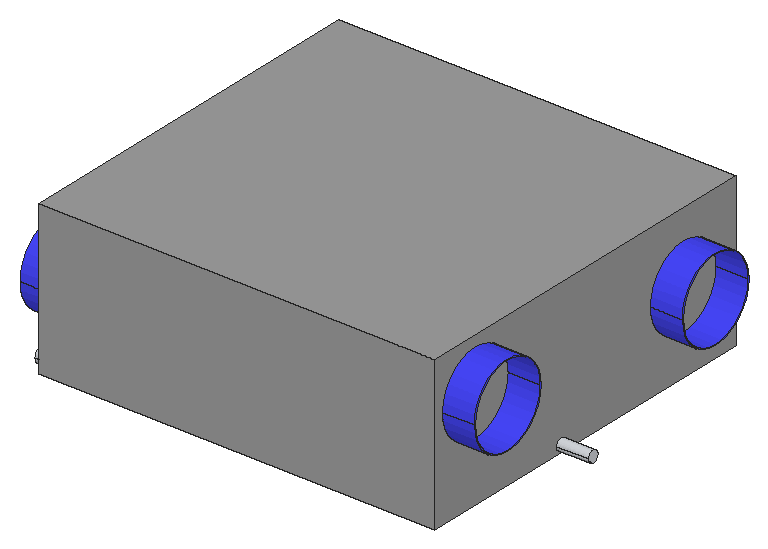
Revit family "H_e130", category Generic Models, Revit 2018
Family settings
  Can host rebar = No
  Round Connector Dimension = Use Diameter
  Part Type = Normal
  Work Plane-Based = No
  Always vertical = No
  Cut with Voids When Loaded = No
  Shared = No
  Room Calculation Point = No
Parameters (values of type "H130")
  Weight on expedition = "41.00 lb"
  Weight = "35.00 lb"
  MaxDucking = 1.5"
  Manufacturer = ""
  Longueur = 24.17"
  Largeur = 22.87"
  Hauteur = 9.26"
  Filter number = "2"
  Fan Number = "2"
  E_con_H = 8.5"
  E_Con_L = 0.5"
  Drain_Con_L = 9.52"
  Drain_Con_H = 0.5"
  Drain = yes
  D_SA_L = 3"
  D_SA_H = 4.98"
  D_RA_L = 4.04"
  D_RA_H = 4.26"
  D_OA_L = 4.04"
  D_OA_H = 4.26"
  D_EA_L = 3"
  D_EA_H = 3.09"
  DI_out_int = 3.23047"
  DI_Out_out = 3.29297"
  DI_IN_out = 2.5"
  DI_IN_Int = 2.49"
  Clearence = 26"
  A = 1.3 A
Types (3): name | Drain
  (no name) | yes
  E130 | no
  H130 | yes
Reference planes (in)
  plane 1 "Center (Front/Back)": y = 0
  plane 2: z = 0
  plane 3 "Center (Left/Right)": x = 0
  plane 4: x = -12.085
  plane 5: y = 11.435
  plane 6: y = -11.435
  plane 7: x = 12.085
  plane 8: z = 9.26
  plane 9: x = -13.585
  plane 10: x = -13.085
  plane 11: x = 15.75
  plane 12: x = 14.085
  plane 13: z = -26
Forms (in)
  Extrusion 1, solid, material "Default"
    sketch origin (0, 0, 0) x (1, 0, 0) y (0, 1, 0)
      loop
        line (-12.085, 11.435) -> (-12.085, -11.435) -> (12.085, -11.435) -> (12.085, 11.435) -> (-12.085, 11.435)
    from 0 to 9.26
  Extrusion 2, solid, material "Poche"
    sketch origin (0, 0, -0.77059) x (0, 1, 0) y (0, 0, 1)
      loop
        circle (7.395, 5.77059) r 2.5
      loop
        circle (7.395, 5.77059) r 2.49
      loop
        circle (-8.435, 5.05059) r 2.5
      loop
        circle (-8.435, 5.05059) r 2.49
    from -12.085 to -13.585
  Extrusion 3, solid, material "Poche"
    sketch origin (0, 0, 0) x (0, 1, 0) y (0, 0, 1)
      loop
        circle (-8.435, 6.17) r 2.5
      loop
        circle (-8.435, 6.17) r 2.49
      loop
        circle (7.395, 5) r 2.5
      loop
        circle (7.395, 5) r 2.49
    from 14.085 to 12.085
  Extrusion 4, solid
    sketch origin (0, 0, 0) x (0, 1, 0) y (0, 0, 1)
      loop
        circle (-10.935, 0.76) r 0.4375
    from -12.085 to -12.3235
  Extrusion 5, solid, visible <- "Drain"
    sketch origin (0, 0, 0) x (0, 1, 0) y (0, 0, 1)
      loop
        circle (-1.915, 0.5) r 0.335
    from 14.085 to 12.085
  Extrusion 6, void
    sketch origin (0, 0, 0) x (1, 0, 0) y (0, 0, 1)
      loop
        line (12.085, -26) -> (12.085, 0) -> (-12.085, 0) -> (-12.085, -26) -> (12.085, -26)
    from -11 to 11
Dimensions and locks (in)
  plane 4 to plane 3 "Center (Left/Right)" to plane 7 = 12.085", 12.085"
  "Longueur": plane 4 to plane 7
  equal spacing: plane 5, plane 1 "Center (Front/Back)", plane 6  (x2)
  "Largeur": plane 5 to plane 6
  "Hauteur": plane 8 to level
  locked: plane 10 to plane 4 at 1
  "MaxDucking": plane 4 to plane 9
  "D_RA_L": Extrusion 2 sketch curve to plane 5
  "D_RA_H": plane 8 to Extrusion 2 sketch curve
  "D_SA_L": Extrusion 2 sketch curve to plane 6
  "D_SA_H": plane 8 to Extrusion 2 sketch curve
  "D_EA_L": plane 6 to Extrusion 3 sketch curve
  "D_EA_H": plane 8 to Extrusion 3 sketch curve
  "D_OA_L": Extrusion 3 sketch curve to plane 5
  "D_OA_H": plane 8 to Extrusion 3 sketch curve
  "E_con_H": plane 8 to Extrusion 4 sketch curve
  "E_Con_L": Extrusion 4 sketch curve to plane 6
  "Drain_Con_L": plane 6 to Extrusion 5 sketch curve
  "Drain_Con_H": Extrusion 5 sketch curve to level
  "Clearence": plane 13 to plane 2
  equal spacing: plane 4, plane 3 "Center (Left/Right)", plane 7
  "DI_IN_out": radius of Extrusion 2 sketch curve  (x2)
  "DI_IN_Int": radius of Extrusion 2 sketch curve  (x2)
  "DI_IN_out": radius of Extrusion 3 sketch curve  (x2)
  "DI_IN_Int": radius of Extrusion 3 sketch curve  (x2)
  aligned and locked: plane 2 to level
  aligned and locked: Extrusion 1 to plane 4
  aligned and locked: plane 8 to Extrusion 1
Automatic sketch dimensions
  plane 4 to Extrusion 1 sketch curve = 0"
  Extrusion 1 sketch curve to plane 7 = 0"
  plane 6 to Extrusion 1 sketch curve = 0"
  Extrusion 1 sketch curve to plane 5 = 0"
  Extrusion 2 sketch curve to Extrusion 2 sketch curve = 0"  (x4)
  Extrusion 3 sketch curve to Extrusion 3 sketch curve = 0"  (x4)
  Extrusion 6 sketch curve to plane 4 = 0"
  Extrusion 6 sketch curve to level = 0"
  Extrusion 6 sketch curve to plane 7 = 0"
  Extrusion 6 sketch curve to plane 13 = 0"
  radius of Extrusion 4 sketch curve = 0.4375"
  radius of Extrusion 5 sketch curve = 0.335"
Connectors (in)
  cabletrayconduit at (-12.085, 7.395, 5), diameter 5
    settings: on Extrusion 2, index 1, connector width 12", connector height 12", connector angle 0.00°, system type 32, placement type 0, profile type 0, connector reference index -1, is primary connector yes, connector utility param no, connector description ""
  cabletrayconduit at (-12.085, -8.435, 4.28), diameter 5
    settings: on Extrusion 2, index 2, connector width 12", connector height 12", connector angle 0.00°, system type 32, placement type 0, profile type 0, connector reference index -1, is primary connector no, connector utility param no, connector description ""
  cabletrayconduit at (12.085, -8.435, 6.17), diameter 5
    settings: on Extrusion 3, index 3, connector width 12", connector height 12", connector angle 0.00°, system type 32, placement type 0, profile type 0, connector reference index -1, is primary connector no, connector utility param no, connector description ""
  cabletrayconduit at (12.085, 7.395, 5), diameter 5
    settings: on Extrusion 3, index 4, connector width 12", connector height 12", connector angle 0.00°, system type 32, placement type 0, profile type 0, connector reference index -1, is primary connector no, connector utility param no, connector description ""
  electrical at (-12.085, -10.935, 0.76), driven by "Manufacturer"
    settings: on Extrusion 4, index 5, voltage 120 V, apparent load 0 VA, apparent load phase1 0 VA, apparent load phase2 0 VA, apparent load phase3 0 VA, power factor 1, load classification "HVAC", number of poles 1, system type 30, power factor state 1, is connector primary yes, connector utility no, sub classification motor no, connector description ""
  piping at (14.085, -1.915, 0.5), diameter 0.5
    settings: on Extrusion 5, index 6, connector inside diameter 24", connector length 0", flow factor 0, pipe flow 0 GPM, pressure drop 0.00 psi, fitting loss kfactor 0, connector angle 0.00°, fixture units 0, engagement length 0", angle of deflection 0.00°, flow configuration 0, flow direction 2, fitting loss method 0, system type 19, joint type 0, gender type 0, connector reference index -1, connector utility 0, adjustable connector no, is connector primary yes, connector description ""
